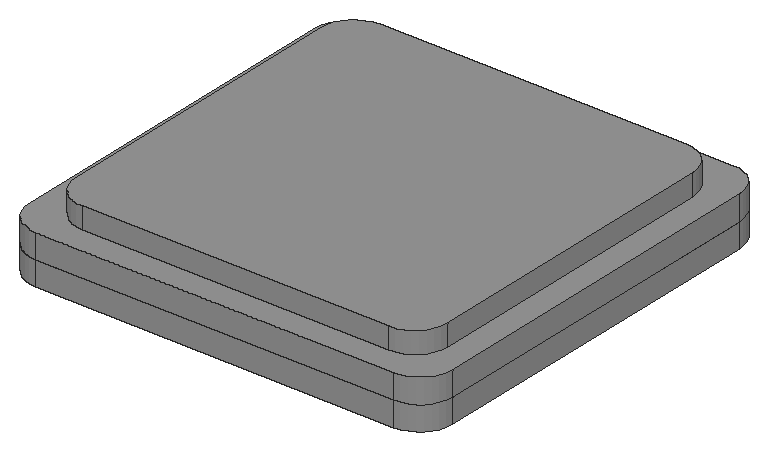
Revit family "FMS2_63_UN_Surface-mounted_ETK", category Lighting Fixtures, Revit 2019 (continued)
Definition of nested family "FMS.2 - Lightsource"
  Types (14, lengths in mm): name | Wattage Comments | Wattage | built-in parameter 1150134 | Photometric Web File | built-in parameter 1150142 | built-in parameter 1150105 | Lumens | built-in parameter 1150107 | built-in parameter 1150106 | Apparent Load
      33.632\t330.6806\t327.7293\t324.7779\t321.6982\t318.3619\t315.0256\t311.6893\t308.353\t305.0166\r\n301.6803\t298.344\t295.0077\t291.6714\t288.335\t284.9987\t281.7907\t278.4544\t275.1181\t271.7818\r\n268.4454\t265.2374\t261.9011\t258.5648\t255.2285\t251.7638\t248.2992\t244.8346\t241.3699\t237.9053\r\n234.4406\t230.976\t227.5114\t224.0467\t220.5821\t217.1174\t213.6528\t210.3165\t206.8518\t203.3872\r\n199.9226\t196.4579\t193.1216\t189.657\t186.1923\t182.5994\t179.1347\t175.6701\t172.2054\t168.6125\r\n165.1478\t161.6832\t158.2186\t154.7539\t151.2893\t147.8246\t144.36\t140.8954\t137.3024\t133.8378\r\n130.3731\t126.9726\t123.508\t120.2358\t117.0278\t113.8198\t110.6118\t107.4038\t104.1958\t100.9878\r\n97.7927\t94.5847\t91.3895\t88.1943\t84.9992\t81.804\t78.6088\t75.4137\t72.2313\t69.0362\r\n65.8538\t62.6587\t56.6918\t50.0961\t43.5133\t36.9177\t30.322\t23.7264\t17.1436\t10.5479\r\n3.9574\t0\t0\t0\t0\t0\t0\t0\t0\t0\r\n0\r\n473.6291\t473.3725\t472.9875\t472.6026\t472.2176\t471.8326\t471.4477\t471.0627\t470.6778\t470.2928\r\n469.9078\t469.5229\t469.1379\t468.753\t468.368\t467.983\t467.4698\t467.0848\t466.5715\t466.1866\r\n465.6733\t464.9034\t463.4918\t462.0803\t460.5405\t459.129\t457.7174\t456.3059\t454.8944\t453.4829\r\n452.0714\t450.6598\t449.12\t447.7085\t446.297\t444.7571\t443.3456\t441.8058\t440.3942\t438.9827\r\n437.4429\t436.0314\t433.8499\t431.5402\t429.2304\t426.9206\t424.6109\t422.3011\t419.9914\t417.6816\r\n415.3718\t412.9338\t410.624\t408.3142\t406.0045\t403.5664\t401.2566\t398.9469\t396.6371\t394.199\r\n391.8893\t389.5795\t387.1414\t384.1901\t381.2387\t378.2874\t375.336\t372.3846\t369.4333\t366.4819\r\n363.5306\t360.5792\t357.6278\t354.6765\t351.7251\t348.7738\t345.8224\t342.871\t339.9197\t336.9683\r\n334.017\t331.0656\t328.1142\t324.9062\t321.5699\t318.2336\t314.8973\t311.6893\t308.353\t305.0166\r\n301.8086\t298.4723\t295.136\t291.928\t288.5917\t285.3837\t282.0474\t278.711\t275.3747\t272.1667\r\n268.8304\t265.4941\t262.1578\t258.6931\t255.2285\t251.7638\t248.2992\t244.8346\t241.4982\t238.0336\r\n234.569\t231.1043\t227.6397\t224.175\t220.7104\t217.2458\t213.7811\t210.4448\t206.9802\t203.5155\r\n200.0509\t196.5862\t193.1216\t189.657\t186.1923\t182.7277\t179.1347\t175.6701\t172.2054\t168.7408\r\n165.2762\t161.6832\t158.2186\t154.7539\t151.2893\t147.8246\t144.36\t140.8954\t137.4307\t133.8378\r\n130.3731\t126.947\t123.662\t120.4412\t117.2203\t113.9995\t110.7787\t107.5707\t104.3498\t101.1418\r\n97.921\t94.713\t91.505\t88.2842\t85.0762\t81.8682\t78.6602\t75.4522\t72.2442\t69.0362\r\n65.8282\t61.5038\t54.921\t48.3381\t41.7553\t35.1597\t28.5769\t21.994\t15.4112\t8.8194\r\n2.2341\t0\t0\t0\t0\t0\t0\t0\t0\t0\r\n0\r\n473.6291\t473.3725\t472.9875\t472.6026\t472.2176\t471.8326\t471.4477\t471.0627\t470.6778\t470.2928\r\n469.9078\t469.5229\t469.0096\t468.6246\t468.2397\t467.8547\t467.4698\t467.0848\t466.6998\t466.3149\r\n465.9299\t464.9034\t463.4918\t462.0803\t460.6688\t459.2573\t457.8458\t456.3059\t454.8944\t453.4829\r\n452.0714\t450.6598\t449.12\t447.7085\t446.297\t444.8854\t443.4739\t442.0624\t440.6509\t439.2394\r\n437.8278\t436.0314\t433.7216\t431.4118\t429.1021\t426.7923\t424.4826\t422.3011\t419.9914\t417.6816\r\n415.3718\t413.0621\t410.7523\t408.4426\t406.1328\t403.823\t401.5133\t399.2035\t396.8938\t394.584\r\n392.2742\t389.8362\t386.8848\t383.9334\t381.1104\t378.159\t375.2077\t372.3846\t369.4333\t366.4819\r\n363.6589\t360.7075\t357.7562\t354.8048\t351.9818\t349.0304\t346.079\t343.1277\t340.1763\t337.225\r\n334.2736\t331.3222\t327.9859\t324.7779\t321.4416\t318.2336\t314.8973\t311.6893\t308.353\t305.145\r\n301.8086\t298.6006\t295.2643\t292.0563\t288.72\t285.512\t282.1757\t278.8394\t275.6314\t272.295\r\n269.087\t265.7507\t262.2861\t258.8214\t255.3568\t251.8922\t248.4275\t244.9629\t241.4982\t238.0336\r\n234.569\t231.2326\t227.768\t224.3034\t220.8387\t217.3741\t213.9094\t210.5731\t207.1085\t203.6438\r\n200.1792\t196.7146\t193.2499\t189.7853\t186.3206\t182.7277\t179.263\t175.7984\t172.3338\t168.8691\r\n165.2762\t161.8115\t158.3469\t154.8822\t151.2893\t147.8246\t144.36\t140.8954\t137.4307\t133.8378\r\n130.3731\t127.0111\t123.7775\t120.5566\t117.323\t114.0893\t110.8685\t107.6348\t104.4012\t101.1803\r\n97.9467\t94.7258\t91.4922\t88.2713\t85.0377\t81.8168\t78.596\t75.3623\t72.1415\t68.9207\r\n65.687\t60.1179\t53.5479\t46.978\t40.408\t33.838\t27.268\t20.698\t14.128\t7.5632\r\n0.9932\t0\t0\t0\t0\t0\t0\t0\t0\t0\r\n0\r\n473.6291\t473.3725\t472.9875\t472.6026\t472.2176\t471.8326\t471.4477\t471.0627\t470.6778\t470.2928\r\n469.9078\t469.5229\t469.1379\t468.753\t468.368\t467.983\t467.5981\t467.2131\t466.8282\t466.4432\r\n466.0582\t464.6467\t463.2352\t461.8237\t460.4122\t459.129\t457.7174\t456.3059\t454.8944\t453.4829\r\n452.0714\t450.6598\t449.2483\t447.8368\t446.4253\t445.0138\t443.6022\t442.1907\t440.9075\t439.496\r\n438.0845\t435.903\t433.5933\t431.4118\t429.1021\t426.7923\t424.6109\t422.3011\t419.9914\t417.6816\r\n415.5002\t413.1904\t410.8806\t408.5709\t406.3894\t404.0797\t401.7699\t399.4602\t397.2787\t394.969\r\n392.6592\t389.9645\t387.0131\t384.0618\t381.1104\t378.2874\t375.336\t372.3846\t369.5616\t366.6102\r\n363.7872\t360.8358\t357.8845\t355.0614\t352.1101\t349.1587\t346.2074\t343.3843\t340.433\t337.4816\r\n334.5302\t331.3222\t328.1142\t324.7779\t321.5699\t318.2336\t315.0256\t311.6893\t308.4813\t305.145\r\n301.8086\t298.6006\t295.2643\t292.0563\t288.72\t285.512\t282.1757\t278.9677\t275.7597\t272.4234\r\n269.2154\t265.7507\t262.2861\t258.8214\t255.3568\t251.8922\t248.5558\t245.0912\t241.6266\t238.1619\r\n234.6973\t231.2326\t227.768\t224.3034\t220.967\t217.5024\t214.0378\t210.5731\t207.1085\t203.6438\r\n200.1792\t196.7146\t193.2499\t189.7853\t186.3206\t182.7277\t179.263\t175.7984\t172.3338\t168.8691\r\n165.2762\t161.8115\t158.3469\t154.8822\t151.2893\t147.8246\t144.36\t140.8954\t137.4307\t133.8378\r\n130.3731\t127.1266\t123.8801\t120.6465\t117.4\t114.1663\t110.9198\t107.6861\t104.4396\t101.206\r\n97.9595\t94.7258\t91.4793\t88.2457\t85.012\t81.7655\t78.5318\t75.2982\t72.0517\t68.818\r\n65.5844\t59.271\t52.7139\t46.1567\t39.5996\t33.0424\t26.4852\t19.9281\t13.3581\t6.8061\r\n0.2483\t0\t0\t0\t0\t0\t0\t0\t0\t0\r\n0\r\n473.6291\t473.3725\t472.9875\t472.6026\t472.2176\t471.8326\t471.4477\t471.0627\t470.6778\t470.4211\r\n470.0362\t469.6512\t469.2662\t468.8813\t468.4963\t468.1114\t467.7264\t467.4698\t467.0848\t466.6998\r\n466.3149\t464.9034\t463.4918\t462.0803\t460.6688\t459.2573\t457.8458\t456.4342\t455.0227\t453.6112\r\n452.1997\t450.7882\t449.3766\t447.9651\t446.5536\t445.1421\t443.7306\t442.319\t440.9075\t439.496\r\n438.0845\t435.7747\t433.465\t431.2835\t428.9738\t426.664\t424.3542\t422.1728\t419.863\t417.5533\r\n415.2435\t413.0621\t410.7523\t408.4426\t406.1328\t403.9514\t401.6416\t399.3318\t397.0221\t394.8406\r\n392.5309\t389.5795\t386.7565\t383.8051\t380.8538\t378.0307\t375.0794\t372.128\t369.305\t366.3536\r\n363.4022\t360.5792\t357.6278\t354.6765\t351.8534\t348.9021\t345.9507\t343.1277\t340.1763\t337.3533\r\n334.4019\t331.0656\t327.8576\t324.6496\t321.3133\t318.1053\t314.8973\t311.561\t308.353\t305.0166\r\n301.8086\t298.6006\t295.2643\t292.0563\t288.8483\t285.512\t282.304\t278.9677\t275.7597\t272.5517\r\n269.2154\t265.7507\t262.4144\t258.9498\t255.4851\t252.0205\t248.5558\t245.0912\t241.6266\t238.1619\r\n234.6973\t231.2326\t227.768\t224.4317\t220.967\t217.5024\t214.0378\t210.5731\t207.1085\t203.6438\r\n200.1792\t196.7146\t193.2499\t189.657\t186.1923\t182.7277\t179.263\t175.7984\t172.2054\t168.7408\r\n165.2762\t161.8115\t158.2186\t154.7539\t151.2893\t147.8246\t144.2317\t140.767\t137.3024\t133.8378\r\n130.2448\t127.0496\t123.816\t120.5695\t117.323\t114.0893\t110.8428\t107.5963\t104.3627\t101.1162\r\n97.8697\t94.636\t91.3895\t88.143\t84.9093\t81.6628\t78.4164\t75.1827\t71.9362\t68.6897\r\n65.456\t58.8989\t52.3546\t45.8102\t39.2659\t32.7216\t26.1773\t19.633\t13.0886\t6.5456\r\n0\t0\t0\t0\t0\t0\t0\t0\t0\t0\r\n0\r\n473.6291\t473.2442\t472.9875\t472.6026\t472.2176\t471.8326\t471.4477\t471.0627\t470.6778\t470.2928\r\n469.9078\t469.3946\t469.0096\t468.6246\t468.2397\t467.8547\t467.4698\t467.0848\t466.6998\t466.3149\r\n465.9299\t464.6467\t463.2352\t461.8237\t460.4122\t459.0006\t457.5891\t456.1776\t454.7661\t453.3546\r\n452.0714\t450.6598\t449.2483\t447.8368\t446.4253\t445.0138\t443.6022\t442.1907\t440.9075\t439.496\r\n438.0845\t435.903\t433.5933\t431.4118\t429.1021\t426.7923\t424.4826\t422.3011\t419.9914\t417.6816\r\n415.3718\t413.0621\t410.8806\t408.5709\t406.2611\t403.9514\t401.6416\t399.4602\t397.1504\t394.8406\r\n392.5309\t389.8362\t386.8848\t383.9334\t380.9821\t378.159\t375.2077\t372.2563\t369.305\t366.4819\r\n363.5306\t360.5792\t357.7562\t354.8048\t351.8534\t349.0304\t346.079\t343.1277\t340.1763\t337.3533\r\n334.4019\t331.1939\t327.9859\t324.6496\t321.4416\t318.1053\t314.8973\t311.561\t308.353\t305.145\r\n301.8086\t298.6006\t295.2643\t292.0563\t288.72\t285.512\t282.304\t278.9677\t275.7597\t272.4234\r\n269.2154\t265.7507\t262.2861\t258.8214\t255.3568\t252.0205\t248.5558\t245.0912\t241.6266\t238.1619\r\n234.6973\t231.2326\t227.768\t224.3034\t220.8387\t217.3741\t213.9094\t210.4448\t206.9802\t203.5155\r\n200.0509\t196.5862\t193.1216\t189.5286\t186.064\t182.5994\t179.1347\t175.6701\t172.0771\t168.6125\r\n165.1478\t161.6832\t158.2186\t154.6256\t151.161\t147.6963\t144.2317\t140.6387\t137.1741\t133.7094\r\n130.2448\t126.947\t123.7005\t120.454\t117.2075\t113.9738\t110.7273\t107.4808\t104.2343\t100.9878\r\n97.7542\t94.5077\t91.2612\t88.0147\t84.781\t81.5345\t78.288\t75.0415\t71.8079\t68.5614\r\n65.3149\t59.0272\t52.4957\t45.9642\t39.4327\t32.9012\t26.3698\t19.8383\t13.3068\t6.7779\r\n0.2473\t0\t0\t0\t0\t0\t0\t0\t0\t0\r\n0\r\n473.6291\t473.2442\t472.8592\t472.4742\t472.0893\t471.7043\t471.3194\t470.9344\t470.5494\t470.1645\r\n469.7795\t469.2662\t468.8813\t468.4963\t468.1114\t467.7264\t467.3414\t466.9565\t466.5715\t466.1866\r\n465.8016\t464.775\t463.3635\t461.952\t460.5405\t459.129\t457.7174\t456.3059\t454.8944\t453.4829\r\n452.0714\t450.6598\t449.2483\t447.8368\t446.4253\t445.0138\t443.4739\t442.0624\t440.6509\t439.2394\r\n437.6995\t435.903\t433.5933\t431.2835\t429.1021\t426.7923\t424.4826\t422.1728\t419.863\t417.5533\r\n415.2435\t413.0621\t410.7523\t408.4426\t406.1328\t403.823\t401.5133\t399.3318\t397.0221\t394.7123\r\n392.4026\t389.9645\t387.0131\t384.0618\t381.1104\t378.159\t375.2077\t372.2563\t369.305\t366.3536\r\n363.4022\t360.4509\t357.4995\t354.6765\t351.7251\t348.7738\t345.8224\t342.871\t339.9197\t337.0966\r\n334.1453\t331.1939\t327.8576\t324.6496\t321.3133\t318.1053\t314.769\t311.561\t308.2246\t305.0166\r\n301.6803\t298.4723\t295.136\t291.928\t288.5917\t285.3837\t282.0474\t278.8394\t275.503\t272.295\r\n268.9587\t265.7507\t262.2861\t258.8214\t255.3568\t251.7638\t248.2992\t244.8346\t241.3699\t237.9053\r\n234.4406\t230.976\t227.5114\t224.0467\t220.7104\t217.2458\t213.7811\t210.3165\t206.8518\t203.3872\r\n199.9226\t196.4579\t192.9933\t189.5286\t185.9357\t182.471\t179.0064\t175.5418\t172.0771\t168.4842\r\n165.0195\t161.5549\t157.9619\t154.4973\t151.0326\t147.568\t144.1034\t140.5104\t137.0458\t133.5811\r\n130.1165\t126.7032\t123.4567\t120.223\t116.9765\t113.7428\t110.4964\t107.2627\t104.029\t100.7825\r\n97.5489\t94.3152\t91.0815\t87.835\t84.6014\t81.3677\t78.134\t74.9004\t71.6667\t68.4331\r\n65.1994\t59.656\t53.1373\t46.6187\t40.1\t33.5813\t27.0627\t20.544\t14.0254\t7.5042\r\n0.9855\t0\t0\t0\t0\t0\t0\t0\t0\t0\r\n0\r\n473.6291\t473.2442\t472.8592\t472.4742\t472.0893\t471.7043\t471.3194\t470.9344\t470.4211\t470.0362\r\n469.6512\t469.2662\t468.8813\t468.4963\t468.1114\t467.7264\t467.3414\t466.9565\t466.4432\t466.0582\r\n465.6733\t464.9034\t463.4918\t462.0803\t460.6688\t459.2573\t457.8458\t456.3059\t454.8944\t453.4829\r\n451.943\t450.5315\t449.12\t447.5802\t446.1686\t444.6288\t443.2173\t441.6774\t440.2659\t438.7261\r\n437.3146\t435.7747\t433.7216\t431.4118\t429.1021\t426.664\t424.3542\t422.0445\t419.7347\t417.425\r\n415.1152\t412.8054\t410.4957\t408.1859\t405.8762\t403.6947\t401.385\t399.0752\t396.6371\t394.3274\r\n392.0176\t389.7078\t387.1414\t384.1901\t381.2387\t378.2874\t375.2077\t372.2563\t369.305\t366.3536\r\n363.4022\t360.4509\t357.4995\t354.5482\t351.5968\t348.6454\t345.5658\t342.6144\t339.663\t336.7117\r\n333.7603\t330.6806\t327.7293\t324.5213\t321.185\t317.977\t314.6406\t311.3043\t308.0963\t304.76\r\n301.552\t298.2157\t295.0077\t291.6714\t288.335\t285.127\t281.7907\t278.5827\t275.2464\t272.0384\r\n268.7021\t265.4941\t262.1578\t258.6931\t255.2285\t251.7638\t248.2992\t244.8346\t241.3699\t237.777\r\n234.3123\t230.8477\t227.383\t223.9184\t220.4538\t216.9891\t213.5245\t210.0598\t206.5952\t203.1306\r\n199.6659\t196.073\t192.6083\t189.1437\t185.679\t182.2144\t178.6214\t175.1568\t171.6922\t168.2275\r\n164.6346\t161.1699\t157.7053\t154.2406\t150.776\t147.3114\t143.7184\t140.2538\t136.7891\t133.3245\r\n129.8598\t126.3824\t123.0845\t119.8509\t116.63\t113.3964\t110.1756\t106.9419\t103.7211\t100.5002\r\n97.2666\t94.0457\t90.8249\t87.6041\t84.3832\t81.1624\t77.9416\t74.7207\t71.4999\t68.2791\r\n65.0711\t60.7595\t54.2537\t47.7479\t41.242\t34.7362\t28.2304\t21.7246\t15.2188\t8.7116\r\n2.2058\t0\t0\t0\t0\t0\t0\t0\t0\t0\r\n0\r\n473.6291\t473.2442\t472.8592\t472.4742\t472.0893\t471.7043\t471.3194\t470.9344\t470.4211\t470.0362\r\n469.6512\t469.2662\t468.8813\t468.4963\t467.983\t467.5981\t467.2131\t466.6998\t466.3149\t465.8016\r\n465.4166\t464.9034\t463.7485\t462.2086\t460.7971\t459.2573\t457.8458\t456.3059\t454.8944\t453.3546\r\n451.8147\t450.4032\t448.8634\t447.3235\t445.7837\t444.3722\t442.8323\t441.2925\t439.7526\t438.2128\r\n436.673\t435.1331\t433.5933\t431.5402\t429.2304\t426.7923\t424.4826\t422.1728\t419.863\t417.5533\r\n415.1152\t412.8054\t410.4957\t408.0576\t405.7478\t403.4381\t401\t398.5619\t396.1238\t393.8141\r\n391.376\t388.9379\t386.6282\t384.3184\t381.367\t378.4157\t375.4643\t372.3846\t369.4333\t366.4819\r\n363.4022\t360.4509\t357.3712\t354.4198\t351.4685\t348.3888\t345.4374\t342.3578\t339.4064\t336.3267\r\n333.3754\t330.424\t327.3443\t324.393\t321.185\t317.8486\t314.6406\t311.3043\t307.968\t304.6317\r\n301.4237\t298.0874\t294.751\t291.4147\t288.2067\t284.8704\t281.5341\t278.1978\t274.9898\t271.6534\r\n268.3171\t264.9808\t261.7728\t258.4365\t255.1002\t251.5072\t248.0426\t244.5779\t241.1133\t237.5203\r\n234.0557\t230.591\t227.1264\t223.6618\t220.0688\t216.6042\t213.1395\t209.6749\t206.2102\t202.7456\r\n199.281\t195.8163\t192.3517\t188.887\t185.4224\t181.8294\t178.3648\t174.9002\t171.4355\t167.9709\r\n164.3779\t160.9133\t157.4486\t153.984\t150.5194\t147.0547\t143.5901\t140.1254\t136.6608\t133.1962\r\n129.7315\t126.2027\t122.7381\t119.4659\t116.2451\t113.0243\t109.8163\t106.5954\t103.3746\t100.1666\r\n96.9586\t93.7506\t90.5426\t87.3346\t84.1266\t80.9186\t77.7106\t74.5154\t71.3203\t68.1123\r\n64.9171\t61.7219\t55.832\t49.339\t42.846\t36.3531\t29.8601\t23.3671\t16.8741\t10.3875\r\n3.8958\t0\t0\t0\t0\t0\t0\t0\t0\t0\r\n0\r\n473.6291\t473.2442\t472.8592\t472.4742\t472.0893\t471.7043\t471.3194\t470.9344\t470.5494\t470.0362\r\n469.6512\t469.2662\t468.8813\t468.368\t467.983\t467.4698\t466.9565\t466.4432\t465.9299\t465.545\r\n464.9034\t464.3901\t463.8768\t462.337\t460.9254\t459.3856\t457.8458\t456.4342\t454.8944\t453.3546\r\n451.8147\t450.2749\t448.735\t447.1952\t445.6554\t444.1155\t442.5757\t440.9075\t439.3677\t437.8278\r\n436.288\t434.6198\t433.08\t431.4118\t429.6154\t427.1773\t424.8675\t422.4294\t419.9914\t417.5533\r\n415.1152\t412.6771\t410.3674\t407.9293\t405.4912\t403.0531\t400.615\t398.177\t395.8672\t393.4291\r\n390.991\t388.553\t386.1149\t383.6768\t381.2387\t378.8006\t375.721\t372.6413\t369.5616\t366.4819\r\n363.4022\t360.4509\t357.3712\t354.2915\t351.3402\t348.2605\t345.3091\t342.1011\t339.0214\t335.9418\r\n332.8621\t329.7824\t326.831\t323.7514\t320.6717\t317.7203\t314.5123\t311.176\t307.8397\t304.5034\r\n301.167\t297.8307\t294.4944\t291.1581\t287.8218\t284.4854\t281.1491\t277.8128\t274.4765\t271.2685\r\n267.9322\t264.5958\t261.2595\t257.9232\t254.7152\t251.3789\t248.0426\t244.4496\t240.985\t237.392\r\n233.9274\t230.4627\t226.8698\t223.4051\t219.9405\t216.3475\t212.8829\t209.4182\t205.8253\t202.3606\r\n198.896\t195.303\t191.8384\t188.3738\t184.9091\t181.4445\t177.9798\t174.3869\t170.9222\t167.4576\r\n163.993\t160.5283\t157.0637\t153.599\t150.1344\t146.6698\t143.2051\t139.7405\t136.2758\t132.8112\r\n129.3466\t125.9204\t122.4686\t119.0296\t115.719\t112.511\t109.3158\t106.1206\t102.9255\t99.7303\r\n96.5351\t93.34\t90.1448\t86.9625\t83.7801\t80.5978\t77.4155\t74.2331\t71.0508\t67.8813\r\n64.6989\t61.5294\t57.8338\t51.3537\t44.8863\t38.4062\t31.926\t25.4587\t18.9785\t12.5086\r\n6.0375\t0\t0\t0\t0\t0\t0\t0\t0\t0\r\n0\r\n473.6291\t473.2442\t472.8592\t472.4742\t472.0893\t471.7043\t471.3194\t470.9344\t470.5494\t470.0362\r\n469.6512\t469.2662\t468.753\t468.2397\t467.7264\t467.2131\t466.6998\t466.1866\t465.545\t465.0317\r\n464.5184\t463.8768\t463.2352\t462.7219\t461.1821\t459.6422\t458.2307\t456.6909\t455.151\t453.6112\r\n451.943\t450.4032\t448.8634\t447.1952\t445.527\t443.9872\t442.319\t440.6509\t438.9827\t437.3146\r\n435.6464\t433.9782\t432.3101\t430.6419\t428.8454\t427.1773\t425.1242\t422.6861\t420.248\t417.8099\r\n415.2435\t412.8054\t410.3674\t407.9293\t405.4912\t402.9248\t400.3584\t397.9203\t395.3539\t392.7875\r\n390.3494\t387.783\t385.345\t382.7786\t380.2122\t377.6458\t375.0794\t372.513\t369.5616\t366.4819\r\n363.4022\t360.3226\t357.2429\t354.0349\t350.9552\t347.8755\t344.7958\t341.7162\t338.6365\t335.5568\r\n332.6054\t329.5258\t326.4461\t323.2381\t320.1584\t317.0787\t313.999\t310.9194\t307.8397\t304.5034\r\n301.0387\t297.7024\t294.3661\t290.9014\t287.5651\t284.2288\t280.7642\t277.4278\t274.0915\t270.7552\r\n267.4189\t264.0826\t260.7462\t257.4099\t254.0736\t250.7373\t247.401\t244.0646\t240.8566\t237.2637\r\n233.6707\t230.2061\t226.6131\t223.1485\t219.5555\t216.0909\t212.4979\t209.0333\t205.4403\t201.9757\r\n198.511\t194.9181\t191.4534\t187.9888\t184.5242\t181.0595\t177.5949\t174.1302\t170.6656\t167.0726\r\n163.608\t160.1434\t156.6787\t153.2141\t149.7494\t146.2848\t142.8202\t139.3555\t135.8909\t132.4262\r\n128.9616\t125.5355\t122.0965\t118.6575\t115.2185\t111.7924\t108.61\t105.4277\t102.2582\t99.0887\r\n95.9192\t92.7625\t89.6059\t86.4492\t83.3053\t80.1487\t77.0048\t73.8738\t70.
